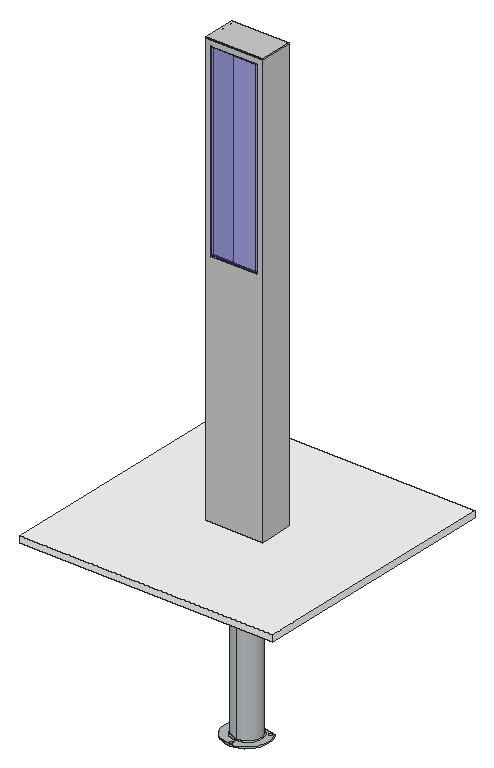
Revit family "BE_77246_de_DE", category Leuchten, Revit 2015
Parameters (values of type "BEGA_77246_Silber_K3")
  built-in parameter 1150104 = 7.7778 (stored number, unit not read)
  Wattage = 4.3 W
  Default Elevation = 0 mm
  built-in parameter 1150113 = 1 (stored number, unit not read)
  built-in parameter 1114218 = 1 (stored number, unit not read)
  Umgebungstemperatur = ""
  URL = "http://www.bega.de/produkt/77246"
  Typenkommentare = "© 2016 BEGA. Wir behalten uns das Recht vor, technische Änderungen ohne vorherige Ankündigung vorzunehmen."  # constant formula
  Type Image = 77246.png
  built-in parameter 1150134 = (empty or 0)
  built-in parameter 1150109 = 1 (stored number, unit not read)
  Strom = ""
  built-in parameter 1150110 = 1 (stored number, unit not read)
  Spannung = 239.996 V
  Sonderanfertigung = no
  Seriennummer [instance] = "Hier können Sie die eindeutige Seriennummer für das Facility Management eintragen."
  Schutzklasse = "I"
  Schutzart = "IP 65"
  Scheinlast = 0 VA
  Produktdatenblatt = "http://www.bega.de/download/Xrfa/db/77246.db.de.pdf"
  Oberflächentemperatur = ""
  Neigungswinkel = 0.00°
  Modell = "77246A"
  Material_18 = BEGA_Gummi_schwarz
  Material_17 = BEGA_Reflektor
  Material_15 = BEGA_Leuchtmedium_matt
  Material_11 = BEGA_Glas_opal
  Material_09 = BEGA_Glas_klar
  Material_08 = BEGA_Oberfläche_Stahl_verzinkt
  Material_06 = BEGA_Oberfläche_Edelstahl_gebürstet
  Material_03 = BEGA_Oberfläche_Weiss_matt
  Material_02 = BEGA_Oberfläche_Silber_matt
  Material_01 [instance] = BEGA_Oberfläche_Grafit_matt
  M_W = no
  M_G = no
  M_A = yes
  Logo = 0
  built-in parameter 1114217 = 1 (stored number, unit not read)
  built-in parameter 1150139 = (empty or 0)
  built-in parameter 1150105 = 28.648 (stored number, unit not read)
  built-in parameter 1150114 = 1 (stored number, unit not read)
  Lumens = 359.996 lm
  built-in parameter 1150115 = 1 (stored number, unit not read)
  Leuchtenlichtstrom = "99 lm"
  Leuchtenanzahl = ""
  Lebensdauerkriterien = "L70 = 50.000 h"
  Lastklassifizierung = Beleuchtung
  built-in parameter 1150112 = 1 (stored number, unit not read)
  Lampenlichtstrom = "360 lm"
  Lampe = "LED 4.3 W"
  LED_Modulbezeichnung = "LED-0295/830"
  built-in parameter 1150142 = (empty or 0)
  Hersteller = "BEGA"  # constant formula
  Halbstreuwinkel = ""
  Gewicht = "3.4 kg"
  Gebrauchslageneinschränkung [instance] = ""
  Frequenz = "50/60 Hz"
  Farbwiedergabeindex = "Ra > 80"
  Farbtemperaturverschiebung bei Dämpfen der Lampe = <Keine Auswahl>
  Farbtemperatur = "3000 K"
  Color Filter = 16777215
  built-in parameter 1150133 = 10 (stored number, unit not read)
  Energieeffizienzklasse = "LED A++ - A"
  built-in parameter 1150137 = (empty or 0)
  built-in parameter 1150132 = (empty or 0)
  ENEC = "ja"
  Dimmbar [instance] = ""
  Datei für fotometrisches Netz = "BE_77246.IES"
  CE_Konformität = "ja"
  Bestellnummer = "77246A"
  Beschreibung_Sonderanfertigung = "Hier können Sie Informationen zur Sonderanfertigung eintragen."
  Beschreibung = "Garten- und Wegeleuchte"
  built-in parameter 1150106 = 0.28648 (stored number, unit not read)
  Befestigungsbohrung = ""
  Befestigungsabstand = ""
  Ballwurfsicher = ""
  BEGA_Intern_aus = yes
  BEGA_Intern_an = yes
  BEGA_Intern_Konstruktion = yes
  BEGA_Intern = yes
  BEGA_IES = yes
  BEGA_Dummy = no
  Anschlussleitung = ""
  Anschlussleistung [instance] = "6 W"
  built-in parameter 1150107 = 3000 (stored number, unit not read)
  built-in parameter 1150102 = (empty or 0)
  built-in parameter 1150138 = (empty or 0)
  Aktualisierung = "2016-11-25T04:14:57"
  Abstand_zur_angestrahlten_Fläche [instance] = ""
  AC/DC = "AC"
Types (2, lengths in mm): name | Modell | M_G | M_A | Bestellnummer
  BEGA_77246_Grafit_K3 | "77246" | yes | no | "77246"
  BEGA_77246_Silber_K3 | "77246A" | no | yes | "77246A"
Reference planes
  plane 1 "Mitte (Vorne/Hinten)": y = 0
  plane 2: z = 0
  plane 3 "Mitte (Links/Rechts)": x = 0
  plane 4 "Links": x = -45.003
  plane 5 "Rechts": x = 45
  plane 6 "Unten": y = -26.5
  plane 7 "Oben": y = 26.5
  plane 8 "Vorne": z = 686.772
  plane 9 "Hinten": z = -300
Forms (mm)
  Extrusion 1, solid, material "BEGA_Platte_Weiss"
    sketch origin (0, -1119.2, 0) x (1, 0, 0) y (0, 1, 0)
      loop
        line (-200, 1319.2) -> (-200, 919.2) -> (200, 919.2) -> (200, 1319.2) -> (-200, 1319.2)
    from 0 to -10
  Extrusion 2, solid, material "BEGA_Dummy_matt", visible <- "BEGA_Dummy"
    sketch origin (80.095, -76.023, 0) x (1, 0, 0) y (0, 1, 0)
      loop
        line (-125.099, 102.523) -> (-125.099, 49.523) -> (-35.095, 49.523) -> (-35.095, 102.523) -> (-125.099, 102.523)
    from 0 to 686.772
Dimensions and locks
  plane 1 "Mitte (Vorne/Hinten)" to Extrusion 1 = 200 mm
  aligned and locked: plane 2 to Extrusion 1
  aligned and locked: level to Extrusion 1
Nested families
  nested 1: "BE_77246" at (0, 0, 0) x (0, -1, 0) z (0, 0, 1), type "BE_77246"
Connectors
  electrical at (0, 0, 0), driven by "Lastklassifizierung", driven by "Spannung", driven by "Scheinlast"
    settings: index 1, voltage 239.996 V, apparent load 0 VA, apparent load phase1 0 VA, apparent load phase2 0 VA, apparent load phase3 0 VA, power factor 1, load classification "Beleuchtung", number of poles 1, system type 31, power factor state 1, is connector primary yes, connector utility no, sub classification motor no, connector description ""
Definition of nested family "BE_77246"
  Parameters (values of type "BE_77246")
    Default Elevation = 1 mm
    URL = "http://www.bega.de/de/produkt"
    Type Comments = "© 2015 BEGA. Wir behalten uns das Recht vor, technische Änderungen ohne vorherige Ankündigung vorzunehmen. "  # constant formula
    Type Image = (empty or 0)
    Material_18 = none
    Material_17 = none
    Material_15 = none
    Material_11 = none
    Material_09 = none
    Material_08 = none
    Material_06 = none
    Material_03 = none
    Material_02 = none
    Material_01 = none
    M_W = yes
    M_G = yes
    M_A = yes
    Länge_Platte = 200 mm  # constant formula
    Höhe_Platte = -10 mm  # constant formula
    Manufacturer = "BEGA"  # constant formula
    Breite_Platte = 200 mm  # constant formula
  Reference planes
    plane 1 "Mitte (Oben/Unten)": y = 0
    plane 2: z = 0
    plane 3 "Mitte (Links/Rechts)": x = 0
    plane 4: x = -26.5
    plane 5: z = 686.772
    plane 6: z = -300
    plane 7: x = 35.5
    plane 8: y = -45.003
    plane 9: y = 45
  Forms (mm)
    Extrusion 1, solid, detail levels medium
      sketch origin (0, 0, 0) x (1, 0, 0) y (0, 1, 0)
        loop
          line (-100, 100) -> (-100, -100) -> (100, -100) -> (100, 100) -> (-100, 100)
      from 0 to -10 <- "Höhe_Platte"
    Sweep 2, solid, material <- "Material_01", visible <- "M_G", detail levels medium+fine
      path origin (0, 0, 0) x (1, 0, 0) y (0, 1, 0)
        loop
          line (-26.5, -45.003) -> (26.5, -45.003) -> (26.5, 45) -> (-26.5, 45) -> (-26.5, -45.003)
      profile origin (-26.5, -0.002, 0) x (-1, 0, 0) y (0, 0, 1)
        loop
          line (-3, 0) -> (0, 0) -> (0, 685) -> (-3, 685) -> (-3, 0)
    Revolve 3, solid, material <- "Material_08", detail levels medium+fine
      sketch origin (1, 0, 0) x (1, 0, 0) y (0, 0, 1)
        loop
          line (20.815, -296.389) -> (20.815, -299.24)
          arc (20.815, -299.24) -> (21.62, -299.781) -> (22.566, -300) r 2.674
          line (22.566, -300) -> (34.5, -300) -> (34.5, -298.001) -> (22.428, -298.001) -> (20.815, -296.389)
        axis (-0.5, -296.389) -> (-0.5, -300)
      angle from 0 to 360
    Extrusion 4, void
      sketch origin (1, 0, 0) x (1, 0, 0) y (0, 1, 0)
        loop
          line (-24.123, 4.279) -> (-19.72, 29.25)
          arc (-19.72, 29.25) -> (-31.304, 16.618) -> (-35.5, 0) r 35
          arc (-35.5, 0) -> (-31.304, -16.618) -> (-19.72, -29.25) r 35
          line (-19.72, -29.25) -> (-24.132, -4.23)
          arc (-24.132, -4.23) -> (-24.5, 0.025) -> (-24.123, 4.279) r 24.5
      from -304.491 to -294.889
    Revolve 5, solid, material <- "Material_08", detail levels medium+fine
      sketch origin (0, 0, -300) x (1, 0, 0) y (0, 0, 1)
        loop
          line (19.596, 0.762) -> (21.596, 0.762) -> (21.596, 418.4) -> (19.596, 418.4) -> (19.596, 0.762)
        axis (0.496, 0.762) -> (0.496, 418.4)
      angle from 0 to 360
    Extrusion 6, void
      sketch origin (1, 0, 0) x (1, 0, 0) y (0, 1, 0)
        loop
          circle (-15, 25.981) r 2.75
        loop
          circle (-15, -25.981) r 2.75
        loop
          circle (30, 0) r 2.75
      from -304.491 to -294.889
    Extrusion 7, solid, material <- "Material_01", visible <- "M_G", detail levels medium+fine
      sketch origin (0, 0, -13.6) x (1, 0, 0) y (0, 0, 1)
        loop
          line (26.5, 700.372) -> (-26.5, 700.372) -> (-26.5, 698.572) -> (26.5, 698.572) -> (26.5, 700.372)
      from -45 to 45.003
    Revolve 8, void
      sketch origin (0, 0, 0) x (1, 0, 0) y (0, 0, 1)
        loop
          line (-26.983, 39) -> (-26.983, 35) -> (-22.865, 35) -> (-22.865, 39) -> (-26.983, 39)
        axis (-26.983, 35) -> (-22.865, 35)
      angle from 0 to 360
    Revolve 9, void
      sketch origin (0, 0, 50) x (1, 0, 0) y (0, 0, 1)
        loop
          line (-26.983, 39) -> (-26.983, 35) -> (-22.865, 35) -> (-22.865, 39) -> (-26.983, 39)
        axis (-26.983, 35) -> (-22.865, 35)
      angle from 0 to 360
    Revolve 10, solid, material <- "Material_06", detail levels fine
      sketch origin (0, 0, -13.651) x (1, 0, 0) y (0, 0, 1)
        loop
          line (-27.5, 98.572) -> (-21.6, 98.572) -> (-21.6, 100.172) -> (-23.001, 101.573) -> (-23.001, 102.742) -> (-26.5, 102.497) -> (-26.5, 101.572) -> (-27.5, 101.572) -> (-27.5, 98.572)
        axis (-27.5, 98.572) -> (-21.6, 98.572)
      angle from 0 to 360
    Blend 11, void
      base sketch origin (0, 0, -14) x (0, 1, 0) y (0, 0, 1)
        loop
          line (-36.203, 690.172) -> (-36.203, 391.772) -> (36.2, 391.772) -> (36.2, 690.172) -> (-36.203, 690.172)
      top sketch origin (0, 0, -14) x (0, 1, 0) y (0, 0, 1)
        loop
          line (-37.303, 691.272) -> (-37.303, 390.672) -> (37.3, 390.672) -> (37.3, 691.272) -> (-37.303, 691.272)
      from 23.332 to 26.857
    Extrusion 12, solid, material <- "Material_11", detail levels medium+fine
      sketch origin (0, 0, -13.6) x (1, 0, 0) y (0, 0, 1)
        loop
          line (26.51, 689.072) -> (22.51, 689.072) -> (22.51, 392.072) -> (26.51, 392.072) -> (26.51, 689.072)
      from -35.438 to 35.351
    Revolve 13, solid, material <- "Material_06", detail levels fine
      sketch origin (0, 0, -63.651) x (1, 0, 0) y (0, 0, 1)
        loop
          line (-27.5, 98.572) -> (-21.6, 98.572) -> (-21.6, 100.172) -> (-23.001, 101.573) -> (-23.001, 102.742) -> (-26.5, 102.497) -> (-26.5, 101.572) -> (-27.5, 101.572) -> (-27.5, 98.572)
        axis (-27.5, 98.572) -> (-21.6, 98.572)
      angle from 0 to 360
    Sweep 14, solid, material <- "Material_02", visible <- "M_A", detail levels medium+fine
      path origin (0, 0, 0) x (1, 0, 0) y (0, 1, 0)
        loop
          line (-26.5, -45.003) -> (26.5, -45.003) -> (26.5, 45) -> (-26.5, 45) -> (-26.5, -45.003)
      profile origin (-26.5, -0.002, 0) x (-1, 0, 0) y (0, 0, 1)
        loop
          line (-3, 0) -> (0, 0) -> (0, 685) -> (-3, 685) -> (-3, 0)
    Extrusion 15, solid, material <- "Material_02", visible <- "M_A", detail levels medium+fine
      sketch origin (0, 0, -13.6) x (1, 0, 0) y (0, 0, 1)
        loop
          line (26.5, 700.372) -> (-26.5, 700.372) -> (-26.5, 698.572) -> (26.5, 698.572) -> (26.5, 700.372)
      from -45 to 45.003
  Cuts and joins
    Extrusion 4, Extrusion 6 cuts Revolve 3
    Extrusion 6 cuts Revolve 5
    joined: Revolve 3, Revolve 5
    Extrusion 4, Revolve 8, Revolve 9, Blend 11 cuts Sweep 2
    Revolve 8, Revolve 9, Blend 11 cuts Sweep 14
  Dimensions and locks
    equal spacing: Extrusion 1 sketch curve, plane 3 "Mitte (Links/Rechts)", Extrusion 1 sketch curve
    equal spacing: Extrusion 1 sketch curve, plane 1 "Mitte (Oben/Unten)", Extrusion 1 sketch curve
    "Länge_Platte": Extrusion 1 sketch curve to Extrusion 1 sketch curve
    "Breite_Platte": Extrusion 1 sketch curve to Extrusion 1 sketch curve
    aligned and locked: Extrusion 1 to plane 2
    aligned and locked: level to Extrusion 1
  Automatic sketch dimensions
    Sweep 2 sketch curve to plane 3 "Mitte (Links/Rechts)" = 26.5 mm
    plane 3 "Mitte (Links/Rechts)" to Sweep 2 sketch curve = 26.5 mm
    plane 1 "Mitte (Oben/Unten)" to Sweep 2 sketch curve = 45.003 mm
    Sweep 2 sketch curve to plane 1 "Mitte (Oben/Unten)" = 45 mm
    profile plane to Sweep 2 sketch curve = 3 mm
    Sweep 2 sketch curve to profile plane = 0 mm
    level to Sweep 2 sketch curve = 0 mm
    Sweep 2 sketch curve to Sweep 2 sketch curve = 685 mm
    Extrusion 4 sketch curve to Extrusion 4 sketch curve = 0 mm  (x2)
    plane 1 "Mitte (Oben/Unten)" to Extrusion 4 sketch curve = 0 mm  (x2)
    plane 3 "Mitte (Links/Rechts)" to Extrusion 4 sketch curve = 1 mm
    plane 3 "Mitte (Links/Rechts)" to Extrusion 4 sketch curve = 0.5 mm
    Extrusion 4 sketch curve to plane 3 "Mitte (Links/Rechts)" = 18.72 mm  (x2)
    Extrusion 4 sketch curve to plane 1 "Mitte (Oben/Unten)" = 4.279 mm
    Extrusion 4 sketch curve to Extrusion 4 sketch curve = 23.623 mm
    plane 1 "Mitte (Oben/Unten)" to Extrusion 4 sketch curve = 4.23 mm
    Extrusion 4 sketch curve to Extrusion 4 sketch curve = 25.021 mm
    plane 3 "Mitte (Links/Rechts)" to Revolve 5 sketch curve = 19.596 mm
    Revolve 5 sketch curve to level = 299.238 mm
    Revolve 5 sketch curve to Revolve 5 sketch curve = 2 mm
    Revolve 5 sketch curve to Revolve 5 sketch curve = 417.639 mm
    plane 3 "Mitte (Links/Rechts)" to Revolve 5 sketch curve = 0.496 mm
    Revolve 5 sketch curve to level = 275.964 mm
    Revolve 5 sketch curve to Revolve 5 sketch curve = 4.292 mm
    Extrusion 7 sketch curve to plane 3 "Mitte (Links/Rechts)" = 26.5 mm
    plane 3 "Mitte (Links/Rechts)" to Extrusion 7 sketch curve = 26.5 mm
    level to Extrusion 7 sketch curve = 684.972 mm
    Extrusion 7 sketch curve to Extrusion 7 sketch curve = 1.8 mm
    Revolve 8 sketch curve to plane 3 "Mitte (Links/Rechts)" = 26.983 mm
    Revolve 8 sketch curve to Revolve 8 sketch curve = 4.118 mm
    level to Revolve 8 sketch curve = 35 mm
    Revolve 8 sketch curve to Revolve 8 sketch curve = 4 mm
    Revolve 8 sketch curve to Revolve 8 sketch curve = 0.21 mm
    Revolve 8 sketch curve to Revolve 8 sketch curve = 1.673 mm
    Revolve 8 sketch curve to Revolve 8 sketch curve = 0 mm
    Revolve 9 sketch curve to plane 3 "Mitte (Links/Rechts)" = 26.983 mm
    Revolve 9 sketch curve to Revolve 9 sketch curve = 4.118 mm
    level to Revolve 9 sketch curve = 85 mm
    Revolve 9 sketch curve to Revolve 9 sketch curve = 4 mm
    Revolve 9 sketch curve to Revolve 9 sketch curve = 0.21 mm
    Revolve 9 sketch curve to Revolve 9 sketch curve = 1.673 mm
    Revolve 9 sketch curve to Revolve 9 sketch curve = 0 mm
    Revolve 10 sketch curve to plane 3 "Mitte (Links/Rechts)" = 27.5 mm
    Revolve 10 sketch curve to Revolve 10 sketch curve = 1 mm
    Revolve 10 sketch curve to Revolve 10 sketch curve = 3.499 mm
    Revolve 10 sketch curve to Revolve 10 sketch curve = 1.401 mm
    level to Revolve 10 sketch curve = 84.921 mm
    Revolve 10 sketch curve to Revolve 10 sketch curve = 3 mm
    Revolve 10 sketch curve to Revolve 10 sketch curve = 3.001 mm
    Revolve 10 sketch curve to Revolve 10 sketch curve = 0.925 mm
    Revolve 10 sketch curve to Revolve 10 sketch curve = 1.169 mm
    Revolve 10 sketch curve to Revolve 10 sketch curve = 0 mm  (x2)
    Revolve 10 sketch curve to Revolve 10 sketch curve = 1.676 mm
    Revolve 10 sketch curve to Revolve 10 sketch curve = 1.6 mm
    plane 1 "Mitte (Oben/Unten)" to Blend 11 sketch curve = 36.203 mm
    Blend 11 sketch curve to plane 1 "Mitte (Oben/Unten)" = 36.2 mm
    level to Blend 11 sketch curve = 377.772 mm
    Blend 11 sketch curve to Blend 11 sketch curve = 298.4 mm
    plane 1 "Mitte (Oben/Unten)" to Blend 11 sketch curve = 37.303 mm
    Blend 11 sketch curve to plane 1 "Mitte (Oben/Unten)" = 37.3 mm
    level to Blend 11 sketch curve = 376.672 mm
    Blend 11 sketch curve to Blend 11 sketch curve = 300.6 mm
    plane 3 "Mitte (Links/Rechts)" to Extrusion 12 sketch curve = 22.51 mm
    Extrusion 12 sketch curve to Extrusion 12 sketch curve = 4 mm
    level to Extrusion 12 sketch curve = 378.472 mm
    Extrusion 12 sketch curve to Extrusion 12 sketch curve = 297 mm
    Revolve 13 sketch curve to plane 3 "Mitte (Links/Rechts)" = 27.5 mm
    Revolve 13 sketch curve to Revolve 13 sketch curve = 1 mm
    Revolve 13 sketch curve to Revolve 13 sketch curve = 3.499 mm
    Revolve 13 sketch curve to Revolve 13 sketch curve = 1.401 mm
    level to Revolve 13 sketch curve = 34.921 mm
    Revolve 13 sketch curve to Revolve 13 sketch curve = 3 mm
    Revolve 13 sketch curve to Revolve 13 sketch curve = 3.001 mm
    Revolve 13 sketch curve to Revolve 13 sketch curve = 0.925 mm
    Revolve 13 sketch curve to Revolve 13 sketch curve = 1.169 mm
    Revolve 13 sketch curve to Revolve 13 sketch curve = 0 mm  (x2)
    Revolve 13 sketch curve to Revolve 13 sketch curve = 1.676 mm
    Revolve 13 sketch curve to Revolve 13 sketch curve = 1.6 mm
    Sweep 14 sketch curve to plane 3 "Mitte (Links/Rechts)" = 26.5 mm
    plane 3 "Mitte (Links/Rechts)" to Sweep 14 sketch curve = 26.5 mm
    plane 1 "Mitte (Oben/Unten)" to Sweep 14 sketch curve = 45.003 mm
    Sweep 14 sketch curve to plane 1 "Mitte (Oben/Unten)" = 45 mm
    profile plane to Sweep 14 sketch curve = 3 mm
    Sweep 14 sketch curve to profile plane = 0 mm
    level to Sweep 14 sketch curve = 0 mm
    Sweep 14 sketch curve to Sweep 14 sketch curve = 685 mm
    Extrusion 15 sketch curve to plane 3 "Mitte (Links/Rechts)" = 26.5 mm
    plane 3 "Mitte (Links/Rechts)" to Extrusion 15 sketch curve = 26.5 mm
    level to Extrusion 15 sketch curve = 684.972 mm
    Extrusion 15 sketch curve to Extrusion 15 sketch curve = 1.8 mm
    Revolve 3 sketch curve to Revolve 3 sketch curve = 1.614 mm
    Revolve 3 sketch curve to Revolve 3 sketch curve = 1.751 mm
    Revolve 3 sketch curve to Revolve 3 sketch curve = 0.257 mm
    Revolve 3 sketch curve to level = 300 mm
    Revolve 3 sketch curve to Revolve 3 sketch curve = 0.76 mm
    Revolve 3 sketch curve to Revolve 3 sketch curve = 1.999 mm
    Revolve 3 sketch curve to Revolve 3 sketch curve = 0.94 mm
    plane 3 "Mitte (Links/Rechts)" to Revolve 3 sketch curve = 0.5 mm
    Revolve 3 sketch curve to Revolve 3 sketch curve = 2.335 mm
    Revolve 3 sketch curve to Revolve 3 sketch curve = 4.112 mm
    plane 3 "Mitte (Links/Rechts)" to Revolve 3 sketch curve = 21.815 mm
    Revolve 3 sketch curve to Revolve 3 sketch curve = 11.815 mm
